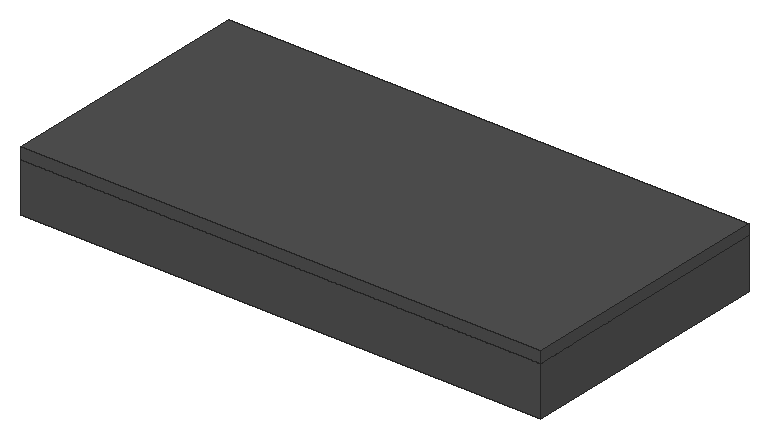
Revit family
Parameters (values of type "0600 x 1200mm (2 Lamps)")
  Wattage = 16.1571 W
  built-in parameter 1150110 = 1 (stored number, unit not read)
  built-in parameter 1114217 = 1 (stored number, unit not read)
  built-in parameter 1150109 = 1 (stored number, unit not read)
  built-in parameter 1150134 = 3
  built-in parameter 1150113 = 1 (stored number, unit not read)
  built-in parameter 1150105 = 190.99 (stored number, unit not read)
  built-in parameter 1150115 = 1 (stored number, unit not read)
  Light Source Symbol Size = 609.60 mm
  built-in parameter 1150137 = (empty or 0)
  built-in parameter 1150139 = (empty or 0)
  built-in parameter 1150112 = 1 (stored number, unit not read)
  built-in parameter 1150114 = 1 (stored number, unit not read)
  built-in parameter 1150132 = 2
  built-in parameter 1150102 = (empty or 0)
  built-in parameter 1150107 = 3200 (stored number, unit not read)
  built-in parameter 1150138 = (empty or 0)
  built-in parameter 1150106 = 1.9099 (stored number, unit not read)
  Emit from Line Length = 1149.20 mm
  built-in parameter 1150104 = 13.8 (stored number, unit not read)
  Dimming Lamp Color Temperature Shift = (empty or 0)
  Color Filter = 16777215
  Circle Width = Width * 0.6  # 360.00 mm
  Diffuser = Metal - Chrome
  Lamp = "T-12"
  Length = 1200.00 mm
  Light Box = Metal - Chrome
  Lumens = 2400 lm
  Wattage Comments = "(2)20"
  Width = 600.00 mm
  built-in parameter 1114218 = 1 (stored number, unit not read)
  built-in parameter 1150133 = 10 (stored number, unit not read)
Types (3, lengths in mm): name | Wattage Comments
  (no name) | "(2)20"
  0600 x 1200mm (2 Lamps) | "(2)20"
  0600 x 1200mm (4 Lamps) | "(4)20"
Reference planes
  plane 1 "Light Source Axis": y = -59.466
  plane 2 "Ceiling": z = 2438.4
  plane 3 "Light Source Axis": x = -18.704
  plane 4 "Light Source Elevation": z = 2413
  plane 5: x = -618.704
  plane 6: x = 581.296
  plane 7: y = 240.534
  plane 8: y = -359.466
  plane 9: x = -406.054
  plane 10: x = -212.379
  plane 11: x = -18.704
  plane 12: x = 174.971
  plane 13: x = 368.646
  plane 14: y = 32.609
  plane 15: y = -151.541
  plane 16: y = 216.759
  plane 17: y = -335.691
  plane 18: x = -599.729
  plane 19: x = 562.321
  plane 20: x = -406.054
  plane 21: x = -212.379
  plane 22: x = -18.704
  plane 23: x = 174.971
  plane 24: x = 368.646
  plane 25: y = 32.609
  plane 26: y = -151.541
  plane 27: y = 216.759
  plane 28: y = -335.691
  plane 29: x = -599.729
  plane 30: x = 562.321
Forms (mm)
  Extrusion 1, solid, material "Metal - Chrome" <- "Light Box"
    sketch origin (0, 0, 2438.4) x (1, 0, 0) y (0, 1, 0)
      loop
        line (-618.704, 240.534) -> (-618.704, -359.466) -> (581.296, -359.466) -> (581.296, 240.534) -> (-618.704, 240.534)
      loop
        line (-593.304, 215.134) -> (-593.304, -334.066) -> (555.896, -334.066) -> (555.896, 215.134) -> (-593.304, 215.134)
    from 0 to 114.3
  Extrusion 2, solid, material "Metal - Chrome" <- "Light Box"
    sketch origin (0, 0, 2438.4) x (1, 0, 0) y (0, 1, 0)
      loop
        line (-618.704, 240.534) -> (-618.704, -359.466) -> (581.296, -359.466) -> (581.296, 240.534) -> (-618.704, 240.534)
    from 114.3 to 139.7
  Extrusion 3, solid, material "Metal - Chrome" <- "Diffuser"
    sketch origin (0, 0, 2438.4) x (1, 0, 0) y (0, 1, 0)
      loop
        line (-602.904, 219.934) -> (-602.904, -338.866) -> (565.496, -338.866) -> (565.496, 219.934) -> (-602.904, 219.934)
      loop
        line (-596.554, 35.784) -> (-409.229, 35.784) -> (-409.229, 213.584) -> (-596.554, 213.584) -> (-596.554, 35.784)
      loop
        line (-596.554, -148.366) -> (-409.229, -148.366) -> (-409.229, 29.434) -> (-596.554, 29.434) -> (-596.554, -148.366)
      loop
        line (-596.554, -154.716) -> (-596.554, -332.516) -> (-409.229, -332.516) -> (-409.229, -154.716) -> (-596.554, -154.716)
      loop
        line (-402.879, 35.784) -> (-215.554, 35.784) -> (-215.554, 213.584) -> (-402.879, 213.584) -> (-402.879, 35.784)
      loop
        line (-402.879, -148.366) -> (-215.554, -148.366) -> (-215.554, 29.434) -> (-402.879, 29.434) -> (-402.879, -148.366)
      loop
        line (-402.879, -154.716) -> (-402.879, -332.516) -> (-215.554, -332.516) -> (-215.554, -154.716) -> (-402.879, -154.716)
      loop
        line (-209.204, 35.784) -> (-21.879, 35.784) -> (-21.879, 213.584) -> (-209.204, 213.584) -> (-209.204, 35.784)
      loop
        line (-209.204, -148.366) -> (-21.879, -148.366) -> (-21.879, 29.434) -> (-209.204, 29.434) -> (-209.204, -148.366)
      loop
        line (-209.204, -154.716) -> (-209.204, -332.516) -> (-21.879, -332.516) -> (-21.879, -154.716) -> (-209.204, -154.716)
      loop
        line (-15.529, 35.784) -> (171.796, 35.784) -> (171.796, 213.584) -> (-15.529, 213.584) -> (-15.529, 35.784)
      loop
        line (-15.529, -148.366) -> (171.796, -148.366) -> (171.796, 29.434) -> (-15.529, 29.434) -> (-15.529, -148.366)
      loop
        line (-15.529, -154.716) -> (-15.529, -332.516) -> (171.796, -332.516) -> (171.796, -154.716) -> (-15.529, -154.716)
      loop
        line (178.146, 35.784) -> (365.471, 35.784) -> (365.471, 213.584) -> (178.146, 213.584) -> (178.146, 35.784)
      loop
        line (178.146, -148.366) -> (365.471, -148.366) -> (365.471, 29.434) -> (178.146, 29.434) -> (178.146, -148.366)
      loop
        line (178.146, -154.716) -> (178.146, -332.516) -> (365.471, -332.516) -> (365.471, -154.716) -> (178.146, -154.716)
      loop
        line (371.821, 35.784) -> (559.146, 35.784) -> (559.146, 213.584) -> (371.821, 213.584) -> (371.821, 35.784)
      loop
        line (371.821, -148.366) -> (559.146, -148.366) -> (559.146, 29.434) -> (371.821, 29.434) -> (371.821, -148.366)
      loop
        line (371.821, -154.716) -> (371.821, -332.516) -> (559.146, -332.516) -> (559.146, -154.716) -> (371.821, -154.716)
    from 3.175 to 50.8
  Extrusion 4, solid
    sketch origin (0, 0, 2438.4) x (1, 0, 0) y (0, 1, 0)
      loop
        line (-593.304, 215.134) -> (-593.304, -334.066) -> (555.896, -334.066) -> (555.896, 215.134) -> (-593.304, 215.134)
    from 76.2 to 82.55
  Extrusion 5, solid
    sketch origin (0, 0, 2438.4) x (1, 0, 0) y (0, 1, 0)
      loop
        line (-602.904, 219.934) -> (-602.904, -338.866) -> (565.496, -338.866) -> (565.496, 219.934) -> (-602.904, 219.934)
      loop
        line (-596.554, 35.784) -> (-409.229, 35.784) -> (-409.229, 213.584) -> (-596.554, 213.584) -> (-596.554, 35.784)
      loop
        line (-596.554, -148.366) -> (-409.229, -148.366) -> (-409.229, 29.434) -> (-596.554, 29.434) -> (-596.554, -148.366)
      loop
        line (-596.554, -154.716) -> (-596.554, -332.516) -> (-409.229, -332.516) -> (-409.229, -154.716) -> (-596.554, -154.716)
      loop
        line (-402.879, 35.784) -> (-215.554, 35.784) -> (-215.554, 213.584) -> (-402.879, 213.584) -> (-402.879, 35.784)
      loop
        line (-402.879, -148.366) -> (-215.554, -148.366) -> (-215.554, 29.434) -> (-402.879, 29.434) -> (-402.879, -148.366)
      loop
        line (-402.879, -154.716) -> (-402.879, -332.516) -> (-215.554, -332.516) -> (-215.554, -154.716) -> (-402.879, -154.716)
      loop
        line (-209.204, 35.784) -> (-21.879, 35.784) -> (-21.879, 213.584) -> (-209.204, 213.584) -> (-209.204, 35.784)
      loop
        line (-209.204, -148.366) -> (-21.879, -148.366) -> (-21.879, 29.434) -> (-209.204, 29.434) -> (-209.204, -148.366)
      loop
        line (-209.204, -154.716) -> (-209.204, -332.516) -> (-21.879, -332.516) -> (-21.879, -154.716) -> (-209.204, -154.716)
      loop
        line (-15.529, 35.784) -> (171.796, 35.784) -> (171.796, 213.584) -> (-15.529, 213.584) -> (-15.529, 35.784)
      loop
        line (-15.529, -148.366) -> (171.796, -148.366) -> (171.796, 29.434) -> (-15.529, 29.434) -> (-15.529, -148.366)
      loop
        line (-15.529, -154.716) -> (-15.529, -332.516) -> (171.796, -332.516) -> (171.796, -154.716) -> (-15.529, -154.716)
      loop
        line (178.146, 35.784) -> (365.471, 35.784) -> (365.471, 213.584) -> (178.146, 213.584) -> (178.146, 35.784)
      loop
        line (178.146, -148.366) -> (365.471, -148.366) -> (365.471, 29.434) -> (178.146, 29.434) -> (178.146, -148.366)
      loop
        line (178.146, -154.716) -> (178.146, -332.516) -> (365.471, -332.516) -> (365.471, -154.716) -> (178.146, -154.716)
      loop
        line (371.821, 35.784) -> (559.146, 35.784) -> (559.146, 213.584) -> (371.821, 213.584) -> (371.821, 35.784)
      loop
        line (371.821, -148.366) -> (559.146, -148.366) -> (559.146, 29.434) -> (371.821, 29.434) -> (371.821, -148.366)
      loop
        line (371.821, -154.716) -> (371.821, -332.516) -> (559.146, -332.516) -> (559.146, -154.716) -> (371.821, -154.716)
    from 0 to 3.175
Lines and regions (mm)
  Opening 1
    outline origin (0, 0, 2438.4) x (1, 0, 0) y (0, 1, 0)
      loop
        line (-618.704, 240.534) -> (-618.704, -359.466) -> (581.296, -359.466) -> (581.296, 240.534) -> (-618.704, 240.534)
  sketch lines
    curve 1: line (-1542.704, 1464.534, 0) -> (1505.296, 1464.534, 0)
    curve 2: line (-1542.704, 1464.534, 0) -> (-1542.704, -1583.466, 0)
    curve 3: line (-1542.704, -1583.466, 0) -> (1505.296, -1583.466, 0)
    curve 4: line (1505.296, 1464.534, 0) -> (1505.296, -1583.466, 0)
  model lines
    curve 5: arc (161.296, -59.466, 2438.4) -> (-18.704, 120.534, 2438.4) -> (-198.704, -59.466, 2438.4) r 180
    curve 6: arc (-198.704, -59.466, 2438.4) -> (-18.704, -239.466, 2438.4) -> (161.296, -59.466, 2438.4) r 180
    curve 7: line (-593.304, -339.707, 2438.4) -> (-180.488, -138.371, 2438.4)
    curve 8: line (-180.488, 19.439, 2438.4) -> (-593.304, 220.775, 2438.4)
    curve 9: line (555.896, 220.775, 2438.4) -> (143.081, 19.439, 2438.4)
    curve 10: line (143.081, -138.371, 2438.4) -> (555.896, -339.707, 2438.4)
    curve 11: line (-593.304, 220.775, 2438.4) -> (555.896, 220.775, 2438.4)
    curve 12: line (-593.304, -339.707, 2438.4) -> (-593.304, 220.775, 2438.4)
    curve 13: line (555.896, -339.707, 2438.4) -> (-593.304, -339.707, 2438.4)
    curve 14: line (555.896, 220.775, 2438.4) -> (555.896, -339.707, 2438.4)
Dimensions and locks
  equal spacing: curve 2, plane 3 "Light Source Axis", curve 4
  equal spacing: curve 3, plane 1 "Light Source Axis", curve 1
  curve 2 to curve 4 = 3048.00 mm
  curve 3 to curve 1 = 3048.00 mm
  equal spacing: plane 5, plane 3 "Light Source Axis", plane 6
  equal spacing: plane 8, plane 1 "Light Source Axis", plane 7
  "Length": plane 5 to plane 6
  "Width": plane 8 to plane 7
  locked: Extrusion 1 sketch curve to Extrusion 1 sketch curve at 25.4
  equal spacing: plane 16, plane 14, plane 15, plane 17
  "Circle Width": curve 6 to curve 6
  equal spacing: plane 27, plane 25, plane 26, plane 28
  aligned and locked: curve 9 to curve 7
  aligned and locked: curve 8 to curve 10
  aligned and locked: plane 3 "Light Source Axis" to imposter light
  aligned and locked: plane 1 "Light Source Axis" to imposter light
  aligned and locked: plane 4 "Light Source Elevation" to imposter light
Automatic sketch dimensions
  Opening 1 sketch curve to plane 5 = 0.00 mm
  Opening 1 sketch curve to plane 6 = 0.00 mm
  Opening 1 sketch curve to plane 8 = 0.00 mm
  Opening 1 sketch curve to plane 7 = 0.00 mm
  Extrusion 1 sketch curve to plane 5 = 0.00 mm
  Extrusion 1 sketch curve to plane 6 = 0.00 mm
  Extrusion 1 sketch curve to plane 8 = 0.00 mm
  Extrusion 1 sketch curve to plane 7 = 0.00 mm
  Extrusion 1 sketch curve to plane 5 = 25.40 mm
  plane 6 to Extrusion 1 sketch curve = 25.40 mm
  Extrusion 1 sketch curve to plane 8 = 25.40 mm
  Extrusion 2 sketch curve to plane 5 = 0.00 mm
  Extrusion 2 sketch curve to plane 6 = 0.00 mm
  Extrusion 2 sketch curve to plane 8 = 0.00 mm
  Extrusion 2 sketch curve to plane 7 = 0.00 mm
  plane 18 to Extrusion 3 sketch curve = 3.175 mm
  Extrusion 3 sketch curve to plane 18 = 3.175 mm  (x3)
  plane 9 to Extrusion 3 sketch curve = 3.175 mm  (x3)
  Extrusion 3 sketch curve to plane 9 = 3.175 mm  (x3)
  plane 10 to Extrusion 3 sketch curve = 3.175 mm  (x3)
  Extrusion 3 sketch curve to plane 10 = 3.175 mm  (x3)
  Extrusion 3 sketch curve to plane 3 "Light Source Axis" = 3.175 mm  (x3)
  plane 3 "Light Source Axis" to Extrusion 3 sketch curve = 3.175 mm  (x3)
  plane 12 to Extrusion 3 sketch curve = 3.175 mm  (x3)
  Extrusion 3 sketch curve to plane 12 = 3.175 mm  (x3)
  plane 13 to Extrusion 3 sketch curve = 3.175 mm  (x3)
  Extrusion 3 sketch curve to plane 13 = 3.175 mm  (x3)
  plane 19 to Extrusion 3 sketch curve = 3.175 mm  (x3)
  Extrusion 3 sketch curve to plane 19 = 3.175 mm
  Extrusion 3 sketch curve to plane 17 = 3.175 mm
  plane 17 to Extrusion 3 sketch curve = 3.175 mm  (x6)
  plane 15 to Extrusion 3 sketch curve = 3.175 mm  (x6)
  Extrusion 3 sketch curve to plane 15 = 3.175 mm  (x6)
  plane 14 to Extrusion 3 sketch curve = 3.175 mm  (x6)
  Extrusion 3 sketch curve to plane 14 = 3.175 mm  (x6)
  Extrusion 3 sketch curve to plane 16 = 3.175 mm  (x6)
  plane 16 to Extrusion 3 sketch curve = 3.175 mm
  Extrusion 4 sketch curve to plane 5 = 25.40 mm
  plane 6 to Extrusion 4 sketch curve = 25.40 mm
  Extrusion 4 sketch curve to plane 8 = 25.40 mm
  plane 7 to Extrusion 4 sketch curve = 25.40 mm
  plane 29 to Extrusion 5 sketch curve = 3.175 mm
  Extrusion 5 sketch curve to plane 29 = 3.175 mm  (x3)
  plane 20 to Extrusion 5 sketch curve = 3.175 mm  (x3)
  Extrusion 5 sketch curve to plane 20 = 3.175 mm  (x3)
  plane 21 to Extrusion 5 sketch curve = 3.175 mm  (x3)
  Extrusion 5 sketch curve to plane 21 = 3.175 mm  (x3)
  plane 23 to Extrusion 5 sketch curve = 3.175 mm  (x3)
  Extrusion 5 sketch curve to plane 23 = 3.175 mm  (x3)
  plane 24 to Extrusion 5 sketch curve = 3.175 mm  (x3)
  Extrusion 5 sketch curve to plane 24 = 3.175 mm  (x3)
  plane 30 to Extrusion 5 sketch curve = 3.175 mm  (x3)
  Extrusion 5 sketch curve to plane 30 = 3.175 mm
  Extrusion 5 sketch curve to plane 28 = 3.175 mm
  plane 28 to Extrusion 5 sketch curve = 3.175 mm  (x6)
  plane 26 to Extrusion 5 sketch curve = 3.175 mm  (x6)
  Extrusion 5 sketch curve to plane 26 = 3.175 mm  (x6)
  plane 25 to Extrusion 5 sketch curve = 3.175 mm  (x6)
  Extrusion 5 sketch curve to plane 25 = 3.175 mm  (x6)
  Extrusion 5 sketch curve to plane 27 = 3.175 mm  (x6)
  plane 27 to Extrusion 5 sketch curve = 3.175 mm
  curve 6 to plane 1 "Light Source Axis" = 0.00 mm
  curve 6 to plane 3 "Light Source Axis" = 0.00 mm
  curve 12 to plane 5 = 25.40 mm
  curve 8 to curve 11 = 0.00 mm
  curve 7 to curve 12 = 0.00 mm
  plane 1 "Light Source Axis" to curve 7 = 78.905 mm
  curve 8 to plane 1 "Light Source Axis" = 78.905 mm
  plane 1 "Light Source Axis" to curve 10 = 78.905 mm
  curve 9 to plane 1 "Light Source Axis" = 78.905 mm
  plane 6 to curve 10 = 25.40 mm
  curve 13 to curve 10 = 0.00 mm  (x2)
  curve 9 to curve 11 = 0.00 mm
  curve 12 to curve 8 = 0.00 mm
